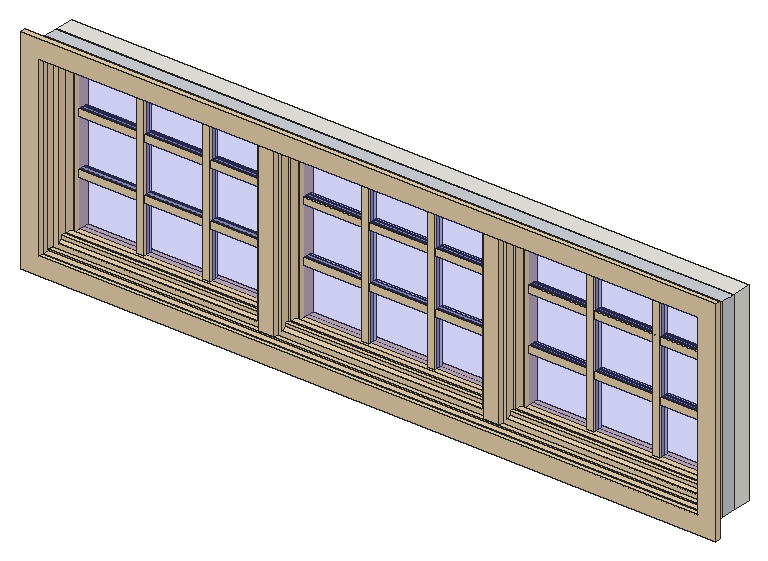
Revit family "1 Window-Awning-Andersen-400_Series_Triple", category Windows, host Wall, Revit 2014 (continued)
Lines and regions (in)
  symbolic lines, style "WindowsGlassProjection", not visible
    curve 202: line (0, 1.2845, 48.5) -> (0, 1.2845, 48.011)
    curve 212: line (0, 1.9105, 48.4938) -> (0, 1.9105, 48.011)
    curve 237: line (0, 1.2845, 79.875) -> (0, 1.2845, 80.364)
    curve 247: line (0, 1.9105, 79.8812) -> (0, 1.9105, 80.364)
  symbolic lines, style "WindowsFrameMullionProjection", not visible, detail levels medium
    curve 379: line (-32.57902, 15.063, 46.81311) -> (-31.87502, 15.063, 46.81311)
    curve 380: line (-31.87502, 15.063, 46.81311) -> (-31.87502, 12.751, 46.81311)
    curve 381: line (-31.87502, 12.751, 46.81311) -> (-30.36102, 12.751, 46.81311)
    curve 382: line (-30.36102, 12.751, 46.81311) -> (-30.36102, 10.751, 46.81311)
    curve 383: line (-30.36102, 10.751, 46.81311) -> (-31.25202, 10.751, 46.81311)
    curve 384: line (-31.25202, 10.751, 46.81311) -> (-31.25202, 10.233, 46.81311)
    curve 385: line (-31.25202, 10.233, 46.81311) -> (-33.20202, 10.233, 46.81311)
    curve 386: line (-33.20202, 10.233, 46.81311) -> (-33.20202, 10.751, 46.81311)
    curve 387: line (-33.20202, 10.751, 46.81311) -> (-34.09302, 10.751, 46.81311)
    curve 388: line (-34.09302, 10.751, 46.81311) -> (-34.09302, 12.751, 46.81311)
    curve 389: line (-34.09302, 12.751, 46.81311) -> (-32.57902, 12.751, 46.81311)
    curve 390: line (-32.57902, 12.751, 46.81311) -> (-32.57902, 15.063, 46.81311)
Text (in)
  text "EXTERIOR" at (-58.6888, 50.90694, 0), in view "Ref. Level"
  text "INTERIOR" at (-58.6888, -37.76638, 0), in view "Ref. Level"
  text "Exterior" at (0, 43.65631, 123.19604), in view "Left"
  text "Exterior" at (0, 18.29385, 125.04747), in view "Right"
Dimensions and locks (in)
  equal spacing: plane 4 "R Frame", plane 3 "Center (Left/Right)", plane 5 "L Frame"
  "Width": plane 4 "R Frame" to plane 5 "L Frame"
  "Height": plane 6 "B Frame" to plane 7 "T Frame"
  locked: plane 46 "Frame S1" to plane 47 "Flange" at 1.312
  locked: plane 47 "Flange" to plane 48 "Sash1 S2" at 1
  locked: plane 47 "Flange" to plane 49 "Frame S2" at 2.848
  "casingS2": plane 45 "Casing S2" to plane 46 "Frame S1"
  "casingS1": plane 44 "Casing S1" to plane 46 "Frame S1"
  "Xjamb 2": plane 32 "T Xjamb 2" to plane 7 "T Frame"
  "casing1": plane 31 "T Casing 1" to plane 7 "T Frame"
  "Xjamb 1": plane 30 "T Xjamb 1" to plane 7 "T Frame"
  plane 29 "T Ext Frame" to plane 7 "T Frame" = 0' - 0.56311"
  "Rough Opening Offset": plane 7 "T Frame" to plane 33 "T Rough Opening"
  "casing4": plane 7 "T Frame" to plane 36 "T Casing 4"
  "Xjamb 2": plane 6 "B Frame" to plane 39 "B Xjamb 2"
  locked: plane 6 "B Frame" to plane 40 "B Casing 1" at 0.25
  locked: plane 6 "B Frame" to plane 50 "B Xjamb 1" at 0.985
  locked: plane 6 "B Frame" to plane 38 "B Ext Frame" at 0.56311
  "sill nose 2": plane 41 "B Casing 2" to plane 6 "B Frame"
  "casing4": plane 5 "L Frame" to plane 17 "L Casing 4"
  "casing4": plane 27 "R Casing 4" to plane 4 "R Frame"
  "casing3": plane 35 "T Casing 3" to plane 36 "T Casing 4"
  "casing2": plane 34 "T Casing 2" to plane 36 "T Casing 4"
  "casing3": plane 27 "R Casing 4" to plane 26 "R Casing 3"
  "casing2": plane 27 "R Casing 4" to plane 25 "R Casing 2"
  "casing1": plane 4 "R Frame" to plane 22 "R Casing 1"
  "casing1": plane 12 "L Casing 1" to plane 5 "L Frame"
  "casing3": plane 16 "L Casing 3" to plane 17 "L Casing 4"
  "casing2": plane 15 "L Casing 2" to plane 17 "L Casing 4"
  locked: plane 51 "Exterior Offset" to host wall at 1
  "Void Offset 1": plane 7 "T Frame" to Extrusion 2 sketch curve
  "Void Offset 1": Extrusion 2 sketch curve to plane 4 "R Frame"
  "Void Offset 1": plane 5 "L Frame" to Extrusion 2 sketch curve
  "Void Offset 2": Extrusion 2 sketch curve to plane 6 "B Frame"
  "Interior Casing Size": plane 28 "R Int Casing" to plane 21 "R Xjamb 1"
  "Interior Casing Size": plane 11 "L Xjamb 1" to plane 43 "L Int Casing"
  "Interior Casing Size": plane 30 "T Xjamb 1" to plane 37 "T Int Casing"
  "Interior Casing Size": plane 42 "B Int Casing" to plane 50 "B Xjamb 1"
  "Xjamb 1": plane 4 "R Frame" to plane 21 "R Xjamb 1"
  locked: plane 4 "R Frame" to plane 20 "R Stop" at 2
  locked: plane 4 "R Frame" to plane 19 "R Ext Frame" at 0.486
  "JGO": plane 4 "R Frame" to plane 18 "R Glazing"
  locked: plane 10 "L Stop" to plane 5 "L Frame" at 2
  locked: plane 9 "L Ext Frame" to plane 5 "L Frame" at 0.486
  "JGO": plane 8 "L Glazing" to plane 5 "L Frame"
  "Xjamb 1": plane 11 "L Xjamb 1" to plane 5 "L Frame"
  "Wall Thickness": host wall to host wall
  locked: plane 1 "Center (Front/Back)" to curve 12 at 1
  "sill nose1": Masking region 5 sketch curve to plane 47 "Flange"
  locked: level to plane 7 "T Frame" at 82.25
  "Rough Opening Offset": plane 53 "B Rough Opening" to plane 6 "B Frame"
  "Masonry Opening Offset": plane 54 "R Masonry Opening" to plane 27 "R Casing 4"
  "Masonry Opening Offset": plane 17 "L Casing 4" to plane 55 "L Masonry Opening"
  "Masonry Opening Offset": plane 36 "T Casing 4" to plane 56 "T Masonry Opening"
  "Masonry Opening Offset": plane 57 "B Masonry Opening" to plane 41 "B Casing 2"
  "sill nose1": Extrusion 5 sketch curve to plane 47 "Flange"
  "Void Depth": plane 51 "Exterior Offset" to Extrusion 2
  "Wall Depth": host wall to plane 47 "Flange"
  "Void Depth": plane 51 "Exterior Offset" to Masking region 7 sketch curve  (x2)
  locked: plane 52 "Interior Casing" to host wall at 0.625
  locked: Extrusion 2 to host wall at 12
  "Rough Opening Offset": plane 24 "R Rough Opening" to plane 4 "R Frame"
  "Rough Opening Offset": plane 5 "L Frame" to plane 14 "L Rough Opening"
  "Xjamb 2": plane 13 "L Xjamb 2" to plane 5 "L Frame"
  "Xjamb 2": plane 4 "R Frame" to plane 23 "R Xjamb 2"
  locked: plane 4 "R Frame" to plane 59 "R Sash" at 0.58
  locked: plane 60 "L Sash" to plane 5 "L Frame" at 0.58
  locked: plane 47 "Flange" to plane 61 "Stop S1" at 3
  locked: plane 62 "T Sash" to plane 7 "T Frame" at 0.75
  locked: plane 63 "T Int Frame" to plane 7 "T Frame" at 1.11
  locked: plane 6 "B Frame" to plane 64 "B Int Frame" at 0.985
  locked: plane 65 "L Int Frame" to plane 5 "L Frame" at 1.109
  locked: plane 4 "R Frame" to plane 66 "R Int Frame" at 1.109
  locked: Extrusion 11 sketch curve to plane 20 "R Stop" at 0.188
  locked: Extrusion 11 sketch curve to plane 61 "Stop S1" at 1  (x2)
  locked: plane 10 "L Stop" to Extrusion 11 sketch curve at 0.188
  host wall to Extrusion 11 = 0' - 1 7/16"
  locked: plane 4 "R Frame" to Sweep 12 sketch curve at 1.09375
  "Step Jamb2": plane 49 "Frame S2" to Sweep 12 sketch curve
  "xjamb S1": host wall to plane 58 "Xjamb S1"
  "Head Stop Dim": plane 67 "T Stop" to plane 7 "T Frame"
  "Sill Stop Dim": plane 6 "B Frame" to plane 68 "B Stop"
  locked: cut or joined group of Extrusion 10, Extrusion 11, Sweep 12, Extrusion 13, Extrusion 15, Extrusion 17 to Extrusion 10 sketch curve at 1.515
  locked: plane 48 "Sash1 S2" to Extrusion 10 sketch curve at 0.267
  locked: plane 48 "Sash1 S2" to Extrusion 10 sketch curve at 1
  locked: Extrusion 10 sketch curve to Extrusion 10 sketch curve at 0.077
  locked: Extrusion 10 sketch curve to Extrusion 10 sketch curve at 0.56794
  locked: Extrusion 10 sketch curve to Extrusion 10 sketch curve at 0.41084
  locked: Extrusion 10 sketch curve to Extrusion 10 sketch curve at 0.28306
  locked: Extrusion 10 sketch curve to Extrusion 10 sketch curve at 0.751
  locked: plane 48 "Sash1 S2" to Extrusion 10 sketch curve at 2
  locked: Extrusion 13 sketch curve to plane 63 "T Int Frame" at 0.795
  locked: Extrusion 13 sketch curve to plane 63 "T Int Frame" at 1.15563
  locked: plane 48 "Sash1 S2" to Extrusion 13 sketch curve at 1
  locked: Masking region 5 sketch curve to plane 6 "B Frame" at 0.1875
  locked: Extrusion 5 sketch curve to plane 6 "B Frame" at 0.1875
  "Step Jamb2": plane 49 "Frame S2" to Masking region 11 sketch curve
  equal spacing: group 9, group 10, group 8
  equal spacing: group 8, group 10, group 9  (x2)
  locked: Extrusion 14 sketch curve to Extrusion 14 sketch curve at 0.704
  locked: Extrusion 14 sketch curve to Extrusion 14 sketch curve at 2.312
  locked: Extrusion 15 sketch curve to Extrusion 15 sketch curve at 1  (x4)
  locked: Extrusion 15 sketch curve to Extrusion 15 sketch curve at 0.518
  locked: Extrusion 15 sketch curve to Extrusion 15 sketch curve at 0.36  (x2)
  locked: Extrusion 15 sketch curve to Extrusion 15 sketch curve at 0.531  (x2)
  locked: Extrusion 15 sketch curve to Extrusion 15 sketch curve at 1.95
  Extrusion 15 sketch curve to Extrusion 15 sketch curve = 0' - 0.518"
  locked: Extrusion 16 sketch curve to Extrusion 16 sketch curve at 0.704
  locked: Extrusion 16 sketch curve to Extrusion 16 sketch curve at 2.312
  locked: Extrusion 17 sketch curve to Extrusion 17 sketch curve at 1  (x4)
  locked: Extrusion 17 sketch curve to Extrusion 17 sketch curve at 0.518
  locked: Extrusion 17 sketch curve to Extrusion 17 sketch curve at 0.36  (x2)
  locked: Extrusion 17 sketch curve to Extrusion 17 sketch curve at 0.531  (x2)
  locked: Extrusion 17 sketch curve to Extrusion 17 sketch curve at 1.95
  Extrusion 17 sketch curve to Extrusion 17 sketch curve = 0' - 0.518"
  plane 19 "R Ext Frame" to nested 2 to nested 3 to nested 3 to nested 1 to plane 9 "L Ext Frame" = 2' - 3.20833", 0' - 0.7015" locked, 2' - 3.20833", 0' - 0.7015" locked, 2' - 3.20833"
  "XPanelWidth": plane 70 to plane 9 "L Ext Frame"
  "XPanelWidth": plane 19 "R Ext Frame" to plane 69
  locked: plane 70 to cut or joined group of Extrusion 10, Extrusion 11, Sweep 12, Extrusion 13, Extrusion 15, Extrusion 17 at 0.623
  equal spacing: nested 1, curve 91, nested 1
  equal spacing: nested 2, curve 378, nested 2
  locked: plane 40 "B Casing 1" to Masking region 5 sketch curve (angle 10.00°)
  locked: plane 40 "B Casing 1" to Masking region 6 sketch curve (angle 10.00°)
  locked: plane 40 "B Casing 1" to Extrusion 5 sketch curve (angle 10.00°)
  aligned and locked: level to plane 2
  aligned and locked: plane 7 "T Frame" to Extrusion 1 sketch curve
  aligned and locked: plane 5 "L Frame" to Extrusion 1 sketch curve
  aligned and locked: Extrusion 1 sketch curve to plane 4 "R Frame"
  aligned and locked: Extrusion 1 sketch curve to plane 6 "B Frame"
  aligned and locked: host wall to Extrusion 1
  aligned and locked: plane 47 "Flange" to Extrusion 1
  aligned and locked: Masking region 1 sketch curve to plane 46 "Frame S1"
  aligned and locked: Masking region 1 sketch curve to plane 4 "R Frame"
  aligned and locked: plane 5 "L Frame" to Masking region 1 sketch curve
  aligned and locked: plane 47 "Flange" to Masking region 2 sketch curve  (x2)
  aligned and locked: plane 4 "R Frame" to Masking region 2 sketch curve
  aligned and locked: plane 46 "Frame S1" to Masking region 2 sketch curve
  aligned and locked: Masking region 2 sketch curve to plane 5 "L Frame"
  aligned and locked: plane 17 "L Casing 4" to Masking region 2 sketch curve
  aligned and locked: Masking region 2 sketch curve to plane 44 "Casing S1"
  aligned and locked: plane 12 "L Casing 1" to curve 3
  aligned and locked: Masking region 2 sketch curve to plane 27 "R Casing 4"
  aligned and locked: Masking region 3 sketch curve to plane 4 "R Frame"
  aligned and locked: plane 5 "L Frame" to Masking region 3 sketch curve
  aligned and locked: Masking region 3 sketch curve to plane 51 "Exterior Offset"
  aligned and locked: plane 7 "T Frame" to Masking region 4 sketch curve
  aligned and locked: Masking region 4 sketch curve to plane 6 "B Frame"
  aligned and locked: Masking region 4 sketch curve to plane 46 "Frame S1"
  aligned and locked: plane 46 "Frame S1" to Masking region 5 sketch curve
  aligned and locked: Masking region 5 sketch curve to plane 46 "Frame S1"
  aligned and locked: Masking region 5 sketch curve to plane 47 "Flange"
  aligned and locked: Masking region 5 sketch curve to plane 6 "B Frame"
  aligned and locked: plane 41 "B Casing 2" to Masking region 5 sketch curve
  aligned and locked: Masking region 6 sketch curve to plane 46 "Frame S1"
  aligned and locked: plane 44 "Casing S1" to Masking region 6 sketch curve
  aligned and locked: Masking region 6 sketch curve to plane 36 "T Casing 4"
  aligned and locked: Masking region 6 sketch curve to plane 47 "Flange"
  aligned and locked: plane 7 "T Frame" to Masking region 6 sketch curve
  aligned and locked: plane 45 "Casing S2" to curve 13
  aligned and locked: plane 31 "T Casing 1" to curve 15
  aligned and locked: plane 46 "Frame S1" to curve 15
  aligned and locked: plane 5 "L Frame" to curve 17
  aligned and locked: Masking region 3 sketch curve to host wall
  aligned and locked: plane 30 "T Xjamb 1" to Extrusion 3 sketch curve
  aligned and locked: plane 32 "T Xjamb 2" to Extrusion 3 sketch curve
  aligned and locked: Extrusion 3 sketch curve to plane 21 "R Xjamb 1"
  aligned and locked: Extrusion 3 sketch curve to plane 23 "R Xjamb 2"
  aligned and locked: plane 11 "L Xjamb 1" to Extrusion 3 sketch curve
  aligned and locked: plane 13 "L Xjamb 2" to Extrusion 3 sketch curve
  aligned and locked: Extrusion 3 sketch curve to plane 50 "B Xjamb 1"
  aligned and locked: Extrusion 3 sketch curve to plane 39 "B Xjamb 2"
  aligned and locked: plane 30 "T Xjamb 1" to Extrusion 4 sketch curve
  aligned and locked: plane 37 "T Int Casing" to Extrusion 4 sketch curve
  aligned and locked: Extrusion 4 sketch curve to plane 21 "R Xjamb 1"
  aligned and locked: Extrusion 4 sketch curve to plane 28 "R Int Casing"
  aligned and locked: plane 11 "L Xjamb 1" to Extrusion 4 sketch curve
  aligned and locked: plane 43 "L Int Casing" to Extrusion 4 sketch curve
  aligned and locked: Extrusion 4 sketch curve to plane 50 "B Xjamb 1"
  aligned and locked: Extrusion 4 sketch curve to plane 42 "B Int Casing"
  aligned and locked: Extrusion 4 to host wall
  aligned and locked: Extrusion 4 to plane 52 "Interior Casing"
  aligned and locked: plane 41 "B Casing 2" to Extrusion 5 sketch curve
  aligned and locked: plane 41 "B Casing 2" to Sweep 6 sketch curve  (x2)
  aligned and locked: plane 17 "L Casing 4" to Sweep 6 sketch curve  (x2)
  aligned and locked: Sweep 6 sketch curve to plane 27 "R Casing 4"
  aligned and locked: plane 36 "T Casing 4" to Sweep 6 sketch curve
  aligned and locked: plane 16 "L Casing 3" to Sweep 6 sketch curve
  aligned and locked: plane 45 "Casing S2" to Sweep 6 sketch curve
  aligned and locked: Sweep 6 sketch curve to plane 44 "Casing S1"
  aligned and locked: plane 47 "Flange" to Sweep 6 sketch curve
  aligned and locked: Sweep 6 sketch curve to plane 12 "L Casing 1"
  aligned and locked: Sweep 6 sketch curve to plane 45 "Casing S2"
  aligned and locked: plane 15 "L Casing 2" to Sweep 6 sketch curve
  aligned and locked: Extrusion 5 to plane 17 "L Casing 4"
  aligned and locked: plane 27 "R Casing 4" to Extrusion 5
  aligned and locked: plane 31 "T Casing 1" to Extrusion 7 sketch curve
  aligned and locked: plane 36 "T Casing 4" to Extrusion 7 sketch curve
  aligned and locked: plane 12 "L Casing 1" to Extrusion 7 sketch curve
  aligned and locked: plane 17 "L Casing 4" to Extrusion 7 sketch curve
  aligned and locked: Extrusion 7 sketch curve to plane 22 "R Casing 1"
  aligned and locked: Extrusion 7 sketch curve to plane 27 "R Casing 4"
  aligned and locked: Extrusion 7 sketch curve to plane 41 "B Casing 2"
  aligned and locked: plane 44 "Casing S1" to Extrusion 7
  aligned and locked: plane 47 "Flange" to Extrusion 7
  aligned and locked: Extrusion 5 sketch curve to plane 47 "Flange"
  aligned and locked: host wall to Masking region 7 sketch curve
  aligned and locked: plane 4 "R Frame" to Masking region 7 sketch curve
  aligned and locked: Masking region 7 sketch curve to plane 5 "L Frame"
  aligned and locked: plane 51 "Exterior Offset" to Masking region 7 sketch curve
  aligned and locked: plane 27 "R Casing 4" to Masking region 7 sketch curve
  aligned and locked: Masking region 7 sketch curve to plane 17 "L Casing 4"
  aligned and locked: plane 7 "T Frame" to Extrusion 8 sketch curve
  aligned and locked: Extrusion 8 sketch curve to plane 4 "R Frame"
  aligned and locked: Extrusion 8 sketch curve to plane 6 "B Frame"
  aligned and locked: plane 5 "L Frame" to Extrusion 8 sketch curve
  aligned and locked: plane 29 "T Ext Frame" to Extrusion 8 sketch curve
  aligned and locked: Extrusion 8 sketch curve to plane 19 "R Ext Frame"
  aligned and locked: plane 9 "L Ext Frame" to Extrusion 8 sketch curve
  aligned and locked: Extrusion 8 sketch curve to plane 38 "B Ext Frame"
  aligned and locked: plane 46 "Frame S1" to Extrusion 8
  aligned and locked: plane 49 "Frame S2" to Masking region 1 sketch curve
  aligned and locked: Masking region 1 sketch curve to plane 49 "Frame S2"
  aligned and locked: plane 61 "Stop S1" to Masking region 4 sketch curve
  aligned and locked: plane 49 "Frame S2" to Masking region 4 sketch curve
  aligned and locked: Masking region 4 sketch curve to plane 49 "Frame S2"
  aligned and locked: Extrusion 8 to plane 48 "Sash1 S2"
  aligned and locked: plane 63 "T Int Frame" to Extrusion 9 sketch curve
  aligned and locked: plane 65 "L Int Frame" to Extrusion 9 sketch curve
  aligned and locked: Extrusion 9 sketch curve to plane 66 "R Int Frame"
  aligned and locked: Extrusion 9 sketch curve to plane 64 "B Int Frame"
  aligned and locked: Extrusion 9 sketch curve to plane 6 "B Frame"
  aligned and locked: Extrusion 9 sketch curve to plane 4 "R Frame"
  aligned and locked: plane 7 "T Frame" to Extrusion 9 sketch curve
  aligned and locked: plane 5 "L Frame" to Extrusion 9 sketch curve
  aligned and locked: plane 48 "Sash1 S2" to Extrusion 9
  aligned and locked: Extrusion 9 to plane 49 "Frame S2"
  aligned and locked: plane 66 "R Int Frame" to Extrusion 10
  aligned and locked: Extrusion 10 to plane 65 "L Int Frame"
  aligned and locked: Extrusion 11 sketch curve to plane 48 "Sash1 S2"
  aligned and locked: Extrusion 11 sketch curve to plane 66 "R Int Frame"
  aligned and locked: plane 61 "Stop S1" to Extrusion 11 sketch curve
  aligned and locked: plane 20 "R Stop" to Extrusion 11 sketch curve
  aligned and locked: plane 10 "L Stop" to Extrusion 11 sketch curve
  aligned and locked: plane 48 "Sash1 S2" to Extrusion 11 sketch curve
  aligned and locked: Extrusion 11 sketch curve to plane 65 "L Int Frame"
  aligned and locked: Extrusion 11 sketch curve to plane 61 "Stop S1"
  aligned and locked: plane 64 "B Int Frame" to Extrusion 11
  aligned and locked: Extrusion 11 to plane 63 "T Int Frame"
  aligned and locked: Masking region 1 sketch curve to plane 66 "R Int Frame"
  aligned and locked: Masking region 1 sketch curve to plane 65 "L Int Frame"
  aligned and locked: plane 7 "T Frame" to Sweep 12 sketch curve
  aligned and locked: plane 5 "L Frame" to Sweep 12 sketch curve
  aligned and locked: Sweep 12 sketch curve to plane 6 "B Frame"
  aligned and locked: Sweep 12 sketch curve to plane 4 "R Frame"
  aligned and locked: Sweep 12 sketch curve to plane 49 "Frame S2"
  aligned and locked: plane 58 "Xjamb S1" to Extrusion 3
  aligned and locked: host wall to Extrusion 3
  aligned and locked: Masking region 4 sketch curve to plane 63 "T Int Frame"
  aligned and locked: Masking region 4 sketch curve to plane 64 "B Int Frame"
  aligned and locked: plane 48 "Sash1 S2" to Extrusion 10 sketch curve
  aligned and locked: plane 64 "B Int Frame" to Extrusion 10 sketch curve
  aligned and locked: plane 4 "R Frame" to curve 98
  aligned and locked: plane 5 "L Frame" to curve 98
  aligned and locked: Masking region 8 sketch curve to plane 58 "Xjamb S1"  (x2)
  aligned and locked: Masking region 8 sketch curve to Sweep 12  (x3)
  aligned and locked: Masking region 8 sketch curve to plane 63 "T Int Frame"
  aligned and locked: Masking region 8 sketch curve to plane 61 "Stop S1"
  aligned and locked: plane 64 "B Int Frame" to Masking region 8 sketch curve
  aligned and locked: Masking region 9 sketch curve to plane 32 "T Xjamb 2"
  aligned and locked: plane 58 "Xjamb S1" to Masking region 9 sketch curve  (x2)
  aligned and locked: plane 63 "T Int Frame" to Masking region 9 sketch curve
  aligned and locked: plane 61 "Stop S1" to Masking region 9 sketch curve
  aligned and locked: Masking region 9 sketch curve to plane 64 "B Int Frame"
  aligned and locked: plane 39 "B Xjamb 2" to Masking region 9 sketch curve
  aligned and locked: host wall to Masking region 9 sketch curve
  aligned and locked: host wall to Masking region 10 sketch curve
  aligned and locked: Masking region 10 sketch curve to plane 42 "B Int Casing"
  aligned and locked: plane 52 "Interior Casing" to Masking region 10 sketch curve
  aligned and locked: plane 37 "T Int Casing" to Masking region 10 sketch curve
  aligned and locked: plane 58 "Xjamb S1" to curve 102
  aligned and locked: Sweep 12 to curve 102
  aligned and locked: plane 64 "B Int Frame" to curve 102
  aligned and locked: plane 58 "Xjamb S1" to curve 103
  aligned and locked: host wall to curve 103
  aligned and locked: plane 50 "B Xjamb 1" to curve 103
  aligned and locked: plane 52 "Interior Casing" to curve 104
  aligned and locked: plane 50 "B Xjamb 1" to curve 104
  aligned and locked: plane 58 "Xjamb S1" to curve 99
  aligned and locked: Sweep 12 to curve 99
  aligned and locked: plane 63 "T Int Frame" to curve 99
  aligned and locked: plane 58 "Xjamb S1" to curve 100
  aligned and locked: host wall to curve 100
  aligned and locked: plane 30 "T Xjamb 1" to curve 100
  aligned and locked: plane 52 "Interior Casing" to curve 101
  aligned and locked: plane 30 "T Xjamb 1" to curve 101
  aligned and locked: Masking region 11 sketch curve to plane 58 "Xjamb S1"  (x2)
  aligned and locked: plane 66 "R Int Frame" to Masking region 11 sketch curve
  aligned and locked: Masking region 11 sketch curve to plane 61 "Stop S1"
  aligned and locked: Masking region 11 sketch curve to plane 65 "L Int Frame"
  aligned and locked: Masking region 11 sketch curve to Sweep 12  (x2)
  aligned and locked: Masking region 12 sketch curve to plane 58 "Xjamb S1"  (x2)
  aligned and locked: plane 66 "R Int Frame" to Masking region 12 sketch curve
  aligned and locked: Masking region 12 sketch curve to plane 61 "Stop S1"
  aligned and locked: Masking region 12 sketch curve to plane 65 "L Int Frame"
  aligned and locked: plane 13 "L Xjamb 2" to Masking region 12 sketch curve
  aligned and locked: Masking region 12 sketch curve to host wall
  aligned and locked: Masking region 12 sketch curve to plane 23 "R Xjamb 2"
  aligned and locked: host wall to Masking region 13 sketch curve
  aligned and locked: plane 43 "L Int Casing" to Masking region 13 sketch curve
  aligned and locked: plane 52 "Interior Casing" to Masking region 13 sketch curve
  aligned and locked: Masking region 13 sketch curve to plane 28 "R Int Casing"
  aligned and locked: plane 65 "L Int Frame" to curve 108
  aligned and locked: plane 11 "L Xjamb 1" to curve 109
  aligned and locked: plane 11 "L Xjamb 1" to curve 110
  aligned and locked: plane 66 "R Int Frame" to curve 105
  aligned and locked: plane 21 "R Xjamb 1" to curve 106
  aligned and locked: plane 21 "R Xjamb 1" to curve 107
  aligned and locked: plane 61 "Stop S1" to Masking region 1 sketch curve
  aligned and locked: Extrusion 13 sketch curve to plane 63 "T Int Frame"
  aligned and locked: plane 48 "Sash1 S2" to Extrusion 13 sketch curve
  aligned and locked: Extrusion 13 sketch curve to plane 61 "Stop S1"
  aligned and locked: Extrusion 13 to plane 65 "L Int Frame"
  aligned and locked: plane 66 "R Int Frame" to Extrusion 13
  aligned and locked: plane 4 "R Frame" to curve 18
  aligned and locked: plane 47 "Flange" to curve 18
  aligned and locked: plane 5 "L Frame" to curve 50
  aligned and locked: curve 50 to plane 47 "Flange"
  aligned and locked: plane 6 "B Frame" to curve 89
  aligned and locked: plane 47 "Flange" to curve 89
  aligned and locked: plane 7 "T Frame" to curve 88
  aligned and locked: plane 47 "Flange" to curve 88
  aligned and locked: plane 25 "R Casing 2" to curve 5
  aligned and locked: plane 26 "R Casing 3" to curve 4
  aligned and locked: plane 15 "L Casing 2" to curve 2
  aligned and locked: plane 16 "L Casing 3" to curve 1
  aligned and locked: plane 34 "T Casing 2" to curve 14
  aligned and locked: plane 35 "T Casing 3" to curve 13
  aligned and locked: plane 44 "Casing S1" to curve 13
  aligned and locked: Extrusion 5 sketch curve to plane 6 "B Frame"
  aligned and locked: Masking region 6 sketch curve to cut or joined group of Extrusion 5, Sweep 6
  aligned and locked: Extrusion 7 sketch curve to plane 6 "B Frame"
  aligned and locked: plane 17 "L Casing 4" to curve 188
  aligned and locked: plane 5 "L Frame" to curve 189
  aligned and locked: plane 27 "R Casing 4" to curve 186
  aligned and locked: plane 4 "R Frame" to curve 187
  aligned and locked: plane 47 "Flange" to curve 190
  aligned and locked: plane 36 "T Casing 4" to curve 190
  aligned and locked: plane 46 "Frame S1" to curve 191
  aligned and locked: plane 49 "Frame S2" to curve 191
  aligned and locked: plane 7 "T Frame" to curve 191
  aligned and locked: plane 44 "Casing S1" to curve 192
  aligned and locked: plane 47 "Flange" to curve 192
  aligned and locked: plane 41 "B Casing 2" to curve 192
  aligned and locked: plane 46 "Frame S1" to curve 193
  aligned and locked: plane 49 "Frame S2" to curve 193
  aligned and locked: plane 6 "B Frame" to curve 193
  aligned and locked: plane 19 "R Ext Frame" to curve 7
  aligned and locked: plane 19 "R Ext Frame" to curve 68
  aligned and locked: plane 9 "L Ext Frame" to curve 8
  aligned and locked: plane 9 "L Ext Frame" to curve 66
  aligned and locked: plane 38 "B Ext Frame" to nested 1
  aligned and locked: plane 9 "L Ext Frame" to nested 1
  aligned and locked: nested 1 to plane 48 "Sash1 S2"
  aligned and locked: plane 19 "R Ext Frame" to nested 2
  aligned and locked: Extrusion 14 to plane 29 "T Ext Frame"
  aligned and locked: Extrusion 15 to plane 63 "T Int Frame"
  aligned and locked: plane 64 "B Int Frame" to Extrusion 15
  aligned and locked: Extrusion 17 to Extrusion 16
  aligned and locked: Extrusion 16 to plane 29 "T Ext Frame"
  aligned and locked: Extrusion 17 to plane 63 "T Int Frame"
  aligned and locked: plane 64 "B Int Frame" to Extrusion 17
  aligned and locked: cut or joined group of Extrusion 8, Extrusion 14, Extrusion 16 to cut or joined group of Extrusion 10, Extrusion 11, Sweep 12, Extrusion 13, Extrusion 15, Extrusion 17
  aligned and locked: plane 46 "Frame S1" to Extrusion 16
  aligned and locked: plane 46 "Frame S1" to cut or joined group of Extrusion 8, Extrusion 14, Extrusion 16
  aligned and locked: plane 46 "Frame S1" to curve 374
  aligned and locked: plane 70 to curve 343
  aligned and locked: plane 70 to Extrusion 16
  aligned and locked: plane 69 to cut or joined group of Extrusion 8, Extrusion 14, Extrusion 16
  aligned and locked: plane 38 "B Ext Frame" to nested 2
  aligned and locked: plane 38 "B Ext Frame" to Extrusion 16
  aligned and locked: plane 38 "B Ext Frame" to cut or joined group of Extrusion 8, Extrusion 14, Extrusion 16
  aligned and locked: nested 2 to plane 48 "Sash1 S2"
  aligned and locked: nested 2 to cut or joined group of Extrusion 8, Extrusion 14, Extrusion 16
  aligned and locked: curve 473 to nested 2
  aligned and locked: curve 462 to plane 46 "Frame S1"
  aligned and locked: plane 61 "Stop S1" to curve 470
  aligned and locked: plane 61 "Stop S1" to curve 466
Automatic sketch dimensions
  curve 16 to curve 16 = 0' - 0 3/16"
  curve 147 to curve 149 = 0' - 0.655"
  curve 149 to curve 70 = 0' - 1.549"
  curve 71 to curve 143 = 0' - 0.107"
  curve 143 to curve 77 = 0' - 0.066"
  curve 77 to curve 86 = 0' - 0.626"
  curve 74 to curve 142 = 0' - 0.844"
  curve 87 to curve 76 = 0' - 0.371"
  curve 80 to curve 79 = 0' - 0.313"
  curve 79 to curve 78 = 0' - 0.187"
  curve 78 to curve 146 = 0' - 0.07303"
  curve 150 to curve 147 = 0' - 0.345"
  curve 72 to curve 72 = 0' - 0.345"
  curve 144 to curve 71 = 0' - 0.549"
  curve 76 to curve 83 = 0' - 0.096"
  curve 70 to curve 88 = 0' - 0.451"
  curve 84 to curve 86 = 0' - 0.096"
  curve 145 to curve 145 = 0' - 0.23897"
  curve 77 to curve 87 = 0' - 0.0062"
  curve 77 to curve 149 = 0' - 0.109"
  curve 86 to curve 85 = 0' - 0.25024"
  curve 73 to curve 149 = 0' - 0.361"
  curve 85 to curve 85 = 0' - 0.23255"
  curve 76 to curve 141 = 0' - 0.053"
  curve 76 to curve 143 = 0' - 0.4378"
  curve 150 to curve 147 = 0' - 0.545"
  curve 71 to curve 74 = 0' - 0.174"
  curve 147 to curve 72 = 0' - 0 1/4"
  curve 74 to curve 80 = 0' - 0.281"
  curve 80 to curve 79 = 0' - 0.156"
  curve 74 to curve 70 = 0' - 0.533"
  curve 70 to curve 146 = 0' - 0.08989"
  curve 82 to curve 86 = 0' - 0.0062"
  curve 77 to curve 83 = 0' - 0"
  curve 82 to curve 84 = 0' - 0.13544"
  curve 73 to curve 81 = 0' - 0.081"
  curve 144 to curve 75 = 0' - 0.217"
  curve 70 to curve 88 = 0' - 0.653"
  curve 88 to curve 88 = 0' - 1 5/8"
  curve 177 to curve 153 = 0' - 0.196"
  curve 177 to curve 179 = 0' - 0.28306"
  curve 154 to curve 185 = 0' - 0.27094"
  curve 154 to curve 180 = 0' - 0.56794"
  curve 180 to curve 181 = 0' - 0.733"
  curve 181 to curve 182 = 0' - 0.267"
  curve 156 to curve 175 = 0' - 0.549"
  curve 152 to curve 171 = 0' - 0.107"
  curve 171 to curve 158 = 0' - 0.066"
  curve 158 to curve 168 = 0' - 0.626"
  curve 155 to curve 161 = 0' - 0.844"
  curve 168 to curve 166 = 0' - 0.371"
  curve 161 to curve 160 = 0' - 0.313"
  curve 160 to curve 160 = 0' - 0.187"
  curve 159 to curve 174 = 0' - 0.07303"
  curve 178 to curve 177 = 0' - 0.149"
  curve 153 to curve 153 = 0' - 0.345"
  curve 185 to curve 179 = 0' - 0.047"
  curve 158 to curve 165 = 0' - 0.096"
  curve 151 to curve 89 = 0' - 0.451"
  curve 163 to curve 168 = 0' - 0.096"
  curve 173 to curve 173 = 0' - 0.23897"
  curve 173 to curve 151 = 0' - 0.08989"
  curve 151 to curve 160 = 0' - 0.096"
  curve 160 to curve 170 = 0' - 0.156"
  curve 151 to curve 153 = 0' - 0.457"
  curve 161 to curve 155 = 0' - 0.281"
  curve 155 to curve 175 = 0' - 0.174"
  curve 152 to curve 172 = 0' - 0.0882"
  curve 152 to curve 156 = 0' - 0.217"
  curve 175 to curve 177 = 0' - 0.437"
  curve 155 to curve 169 = 0' - 0.647"
  curve 171 to curve 157 = 0' - 0.4378"
  curve 177 to curve 185 = 0' - 0.267"
  curve 157 to curve 167 = 0' - 0.23255"
  curve 184 to curve 154 = 0' - 0.07316"
  curve 156 to curve 156 = 0' - 0.768"
  curve 166 to curve 167 = 0' - 0.25024"
  curve 157 to curve 162 = 0' - 0.489"
  curve 184 to curve 180 = 0' - 0.484"
  curve 156 to curve 181 = 0' - 0.28"
  curve 89 to curve 151 = 0' - 2.153"
  curve 89 to curve 151 = 0' - 0.528"
  curve 165 to curve 158 = 0' - 0.13544"
  curve 162 to curve 156 = 0' - 0.095"
  curve 183 to curve 179 = 0' - 0.296"
  curve 167 to curve 163 = 0' - 0.0062"
  curve 158 to curve 164 = 0' - 0"
  curve 111 to curve 111 = 0' - 0.05924"
  curve 111 to curve 24 = 0' - 0.094"
  curve 111 to curve 23 = 0' - 0.1128"
  curve 23 to curve 21 = 0' - 0.02383"
  curve 21 to curve 21 = 0' - 0.12559"
  curve 23 to curve 115 = 0' - 0.30812"
  curve 21 to curve 118 = 0' - 0.30153"
  curve 22 to curve 113 = 0' - 0.25884"
  curve 22 to curve 25 = 0' - 0.6057"
  curve 113 to curve 27 = 0' - 0.4"
  curve 19 to curve 92 = 0' - 0.531"
  curve 92 to curve 92 = 0' - 0.36"
  curve 26 to curve 26 = 0' - 0 5/8"
  curve 27 to curve 27 = 0' - 0 5/8"
  curve 18 to curve 111 = 0' - 2.04524"
  curve 18 to curve 111 = 0' - 0.54524"
  curve 117 to curve 113 = 0' - 0.291"
  curve 40 to curve 41 = 0' - 0.35617"
  curve 46 to curve 26 = 0' - 0.12475"
  curve 45 to curve 27 = 0' - 0"
  curve 44 to curve 26 = 0' - 0"
  curve 20 to curve 117 = 0' - 1.0675"
  curve 117 to curve 118 = 0' - 0.527"
  curve 20 to curve 28 = 0' - 0.722"
  curve 19 to curve 113 = 0' - 0.291"
  curve 27 to curve 26 = 0' - 0.626"
  curve 22 to curve 112 = 0' - 0.557"
  curve 21 to curve 115 = 0' - 0 1/8"
  curve 26 to curve 138 = 0' - 0.402"
  curve 23 to curve 111 = 0' - 0.275"
  curve 111 to curve 23 = 0' - 0.038"
  curve 40 to curve 138 = 0' - 0 1/4"
  curve 93 to curve 92 = 0' - 0.9325"
  curve 19 to curve 93 = 0' - 0"
  curve 27 to curve 45 = 0' - 0.096"
  curve 18 to curve 111 = 0' - 0 3/8"
  curve 44 to curve 26 = 0' - 0.096"
  curve 24 to curve 135 = 0' - 0.312"
  curve 119 to curve 119 = 0' - 0.05924"
  curve 119 to curve 35 = 0' - 0.094"
  curve 119 to curve 34 = 0' - 0.1128"
  curve 34 to curve 32 = 0' - 0.02383"
  curve 32 to curve 32 = 0' - 0.12559"
  curve 34 to curve 123 = 0' - 0.30812"
  curve 32 to curve 126 = 0' - 0.30153"
  curve 33 to curve 121 = 0' - 0.25884"
  curve 33 to curve 36 = 0' - 0.6057"
  curve 121 to curve 38 = 0' - 0.4"
  curve 30 to curve 94 = 0' - 0.531"
  curve 94 to curve 94 = 0' - 0.36"
  curve 37 to curve 37 = 0' - 0 5/8"
  curve 38 to curve 38 = 0' - 0 5/8"
  curve 29 to curve 119 = 0' - 2.04524"
  curve 29 to curve 119 = 0' - 0.54524"
  curve 125 to curve 121 = 0' - 0.291"
  curve 42 to curve 43 = 0' - 0.35617"
  curve 49 to curve 37 = 0' - 0.12475"
  curve 48 to curve 38 = 0' - 0"
  curve 47 to curve 37 = 0' - 0"
  curve 31 to curve 125 = 0' - 1.0675"
  curve 125 to curve 126 = 0' - 0.527"
  curve 31 to curve 39 = 0' - 0.722"
  curve 30 to curve 121 = 0' - 0.291"
  curve 38 to curve 37 = 0' - 0.626"
  curve 33 to curve 120 = 0' - 0.557"
  curve 32 to curve 123 = 0' - 0 1/8"
  curve 37 to curve 139 = 0' - 0.402"
  curve 34 to curve 119 = 0' - 0.275"
  curve 119 to curve 34 = 0' - 0.038"
  curve 42 to curve 139 = 0' - 0 1/4"
  curve 95 to curve 94 = 0' - 0.9325"
  curve 30 to curve 95 = 0' - 0"
  curve 38 to curve 48 = 0' - 0.096"
  curve 29 to curve 119 = 0' - 0 3/8"
  curve 47 to curve 37 = 0' - 0.096"
  curve 35 to curve 136 = 0' - 0.312"
  curve 127 to curve 127 = 0' - 0.05924"
  curve 127 to curve 56 = 0' - 0.094"
  curve 127 to curve 55 = 0' - 0.1128"
  curve 55 to curve 53 = 0' - 0.02383"
  curve 53 to curve 53 = 0' - 0.12559"
  curve 55 to curve 131 = 0' - 0.30812"
  curve 53 to curve 134 = 0' - 0.30153"
  curve 54 to curve 129 = 0' - 0.25884"
  curve 54 to curve 57 = 0' - 0.6057"
  curve 129 to curve 59 = 0' - 0.4"
  curve 51 to curve 96 = 0' - 0.531"
  curve 96 to curve 96 = 0' - 0.36"
  curve 58 to curve 58 = 0' - 0 5/8"
  curve 59 to curve 59 = 0' - 0 5/8"
  curve 50 to curve 127 = 0' - 2.04524"
  curve 50 to curve 127 = 0' - 0.54524"
  curve 133 to curve 129 = 0' - 0.291"
  curve 61 to curve 62 = 0' - 0.35617"
  curve 65 to curve 58 = 0' - 0.12475"
  curve 64 to curve 59 = 0' - 0"
  curve 63 to curve 58 = 0' - 0"
  curve 133 to curve 52 = 0' - 1.0675"
  curve 134 to curve 133 = 0' - 0.527"
  curve 60 to curve 52 = 0' - 0.722"
  curve 129 to curve 51 = 0' - 0.291"
  curve 58 to curve 59 = 0' - 0.626"
  curve 128 to curve 54 = 0' - 0.557"
  curve 131 to curve 53 = 0' - 0 1/8"
  curve 140 to curve 58 = 0' - 0.402"
  curve 127 to curve 55 = 0' - 0.275"
  curve 55 to curve 127 = 0' - 0.038"
  curve 140 to curve 61 = 0' - 0 1/4"
  curve 96 to curve 97 = 0' - 0.9325"
  curve 51 to curve 97 = 0' - 0"
  curve 64 to curve 59 = 0' - 0.096"
  curve 127 to curve 50 = 0' - 0 3/8"
  curve 58 to curve 63 = 0' - 0.096"
  curve 137 to curve 56 = 0' - 0.312"
  curve 221 to curve 197 = 0' - 0.196"
  curve 221 to curve 223 = 0' - 0.28306"
  curve 198 to curve 229 = 0' - 0.27094"
  curve 198 to curve 224 = 0' - 0.56794"
  curve 224 to curve 225 = 0' - 0.733"
  curve 225 to curve 226 = 0' - 0.267"
  curve 200 to curve 219 = 0' - 0.549"
  curve 196 to curve 215 = 0' - 0.107"
  curve 215 to curve 202 = 0' - 0.066"
  curve 202 to curve 212 = 0' - 0.626"
  curve 199 to curve 205 = 0' - 0.844"
  curve 212 to curve 210 = 0' - 0.371"
  curve 205 to curve 204 = 0' - 0.313"
  curve 204 to curve 204 = 0' - 0.187"
  curve 203 to curve 218 = 0' - 0.07303"
  curve 222 to curve 221 = 0' - 0.149"
  curve 197 to curve 197 = 0' - 0.345"
  curve 229 to curve 223 = 0' - 0.047"
  curve 202 to curve 209 = 0' - 0.096"
  curve 195 to curve 194 = 0' - 0.451"
  curve 207 to curve 212 = 0' - 0.096"
  curve 217 to curve 217 = 0' - 0.23897"
  curve 217 to curve 195 = 0' - 0.08989"
  curve 195 to curve 204 = 0' - 0.096"
  curve 204 to curve 214 = 0' - 0.156"
  curve 195 to curve 197 = 0' - 0.457"
  curve 205 to curve 199 = 0' - 0.281"
  curve 199 to curve 219 = 0' - 0.174"
  curve 196 to curve 216 = 0' - 0.0882"
  curve 196 to curve 200 = 0' - 0.217"
  curve 219 to curve 221 = 0' - 0.437"
  curve 199 to curve 213 = 0' - 0.647"
  curve 215 to curve 201 = 0' - 0.4378"
  curve 221 to curve 229 = 0' - 0.267"
  curve 201 to curve 211 = 0' - 0.23255"
  curve 228 to curve 198 = 0' - 0.07316"
  curve 200 to curve 200 = 0' - 0.768"
  curve 210 to curve 211 = 0' - 0.25024"
  curve 201 to curve 206 = 0' - 0.489"
  curve 228 to curve 224 = 0' - 0.484"
  curve 200 to curve 225 = 0' - 0.28"
  curve 194 to curve 195 = 0' - 2.153"
  curve 194 to curve 195 = 0' - 0.528"
  curve 209 to curve 202 = 0' - 0.13544"
  curve 206 to curve 200 = 0' - 0.095"
  curve 227 to curve 223 = 0' - 0.296"
  curve 211 to curve 207 = 0' - 0.0062"
  curve 202 to curve 208 = 0' - 0"
  curve 255 to curve 257 = 0' - 0.655"
  curve 257 to curve 230 = 0' - 1.549"
  curve 231 to curve 251 = 0' - 0.107"
  curve 251 to curve 237 = 0' - 0.066"
  curve 237 to curve 246 = 0' - 0.626"
  curve 234 to curve 250 = 0' - 0.844"
  curve 247 to curve 236 = 0' - 0.371"
  curve 240 to curve 239 = 0' - 0.313"
  curve 239 to curve 238 = 0' - 0.187"
  curve 238 to curve 254 = 0' - 0.07303"
  curve 258 to curve 255 = 0' - 0.345"
  curve 232 to curve 232 = 0' - 0.345"
  curve 252 to curve 231 = 0' - 0.549"
  curve 236 to curve 243 = 0' - 0.096"
  curve 230 to curve 248 = 0' - 0.451"
  curve 244 to curve 246 = 0' - 0.096"
  curve 253 to curve 253 = 0' - 0.23897"
  curve 237 to curve 247 = 0' - 0.0062"
  curve 237 to curve 257 = 0' - 0.109"
  curve 246 to curve 245 = 0' - 0.25024"
  curve 233 to curve 257 = 0' - 0.361"
  curve 245 to curve 245 = 0' - 0.23255"
  curve 236 to curve 249 = 0' - 0.053"
  curve 236 to curve 251 = 0' - 0.4378"
  curve 258 to curve 255 = 0' - 0.545"
  curve 231 to curve 234 = 0' - 0.174"
  curve 255 to curve 232 = 0' - 0 1/4"
  curve 234 to curve 240 = 0' - 0.281"
  curve 240 to curve 239 = 0' - 0.156"
  curve 234 to curve 230 = 0' - 0.533"
  curve 230 to curve 254 = 0' - 0.08989"
  curve 242 to curve 246 = 0' - 0.0062"
  curve 237 to curve 243 = 0' - 0"
  curve 242 to curve 244 = 0' - 0.13544"
  curve 233 to curve 241 = 0' - 0.081"
  curve 252 to curve 235 = 0' - 0.217"
  curve 230 to curve 248 = 0' - 0.653"
  curve 248 to curve 248 = 0' - 1 5/8"
  Sweep 12 sketch curve to profile plane = 0' - 0"
  curve 190 to plane 44 "Casing S1" = 0' - 0"
  curve 69 to plane 20 "R Stop" = 0' - 0"
  curve 66 to plane 10 "L Stop" = 0' - 0"
  host wall to curve 98 = 0' - 0"
  curve 67 to plane 61 "Stop S1" = 0' - 0"
  curve 69 to plane 61 "Stop S1" = 0' - 0"
  curve 68 to plane 48 "Sash1 S2" = 0' - 0"
  curve 66 to plane 48 "Sash1 S2" = 0' - 0"
  curve 10 to plane 10 "L Stop" = 0' - 0"
  curve 10 to plane 51 "Exterior Offset" = 0' - 0"
  curve 9 to plane 20 "R Stop" = 0' - 0"
  curve 9 to plane 51 "Exterior Offset" = 0' - 0"
  curve 17 to plane 44 "Casing S1" = 0' - 0"
  curve 1 to plane 44 "Casing S1" = 0' - 0"
  curve 186 to plane 44 "Casing S1" = 0' - 0"
  curve 188 to plane 44 "Casing S1" = 0' - 0"
  curve 4 to plane 44 "Casing S1" = 0' - 0"
  curve 16 to plane 4 "R Frame" = 0' - 0"
  curve 16 to plane 44 "Casing S1" = 0' - 0"
  curve 5 to plane 45 "Casing S2" = 0' - 0"
  curve 1 to plane 45 "Casing S2" = 0' - 0"
  curve 3 to plane 46 "Frame S1" = 0' - 0"
  curve 7 to plane 46 "Frame S1" = 0' - 0"
  curve 6 to plane 22 "R Casing 1" = 0' - 0"
  curve 6 to plane 46 "Frame S1" = 0' - 0"
  curve 8 to plane 46 "Frame S1" = 0' - 0"
  curve 17 to plane 46 "Frame S1" = 0' - 0"
  curve 16 to plane 46 "Frame S1" = 0' - 0"
  curve 189 to plane 47 "Flange" = 0' - 0"
  curve 186 to plane 47 "Flange" = 0' - 0"
  curve 187 to plane 47 "Flange" = 0' - 0"
  curve 188 to plane 47 "Flange" = 0' - 0"
  curve 8 to plane 48 "Sash1 S2" = 0' - 0"
  curve 7 to plane 48 "Sash1 S2" = 0' - 0"
  host wall to curve 11 = 0' - 0"
  curve 106 to plane 58 "Xjamb S1" = 0' - 0"
  curve 108 to plane 58 "Xjamb S1" = 0' - 0"
  curve 109 to plane 58 "Xjamb S1" = 0' - 0"
  curve 105 to plane 58 "Xjamb S1" = 0' - 0"
  curve 189 to plane 49 "Frame S2" = 0' - 0"
  curve 187 to plane 49 "Frame S2" = 0' - 0"
  host wall to curve 9 = 0' - 0"
  host wall to curve 107 = 0' - 0"
  host wall to curve 109 = 0' - 0"
  host wall to curve 10 = 0' - 0"
  curve 110 to plane 52 "Interior Casing" = 0' - 0"
  curve 107 to plane 52 "Interior Casing" = 0' - 0"
  curve 105 to plane 61 "Stop S1" = 0' - 0.6605"
  curve 108 to plane 61 "Stop S1" = 0' - 0.6605"
  plane 68 "B Stop" to Extrusion 10 sketch curve = 0' - 0.28"
  Extrusion 14 sketch curve to plane 46 "Frame S1" = 0' - 0"
  Extrusion 14 sketch curve to plane 69 = 0' - 0"
  Extrusion 15 sketch curve to plane 48 "Sash1 S2" = 0' - 0"
  plane 69 to Extrusion 15 sketch curve = 0' - 1.514"
  Extrusion 16 sketch curve to plane 46 "Frame S1" = 0' - 0"
  Extrusion 16 sketch curve to plane 70 = 0' - 0"
  curve 462 to curve 464 = 0' - 2.312"
  curve 472 to curve 463 = 0' - 0"
  curve 471 to curve 470 = 0' - 2"
  curve 470 to curve 467 = 0' - 0"
  curve 466 to curve 467 = 0' - 0.518"
  curve 470 to curve 468 = 0' - 0.891"
  curve 471 to curve 473 = 0' - 1.514"
  curve 472 to curve 463 = 0' - 0.704"
  curve 469 to curve 466 = 0' - 1.95"
  curve 466 to curve 465 = 0' - 0.891"
  curve 379 to curve 381 = 0' - 2.312"
  curve 389 to curve 380 = 0' - 0"
  curve 388 to curve 387 = 0' - 2"
  curve 387 to curve 384 = 0' - 0"
  curve 383 to curve 384 = 0' - 0.518"
  curve 387 to curve 385 = 0' - 0.891"
  curve 388 to curve 390 = 0' - 1.514"
  curve 389 to curve 380 = 0' - 0.704"
  curve 386 to curve 383 = 0' - 1.95"
  curve 383 to curve 382 = 0' - 0.891"
  curve 391 to curve 393 = 0' - 2.312"
  curve 401 to curve 392 = 0' - 0"
  curve 400 to curve 399 = 0' - 2"
  curve 399 to curve 396 = 0' - 0"
  curve 395 to curve 396 = 0' - 0.518"
  curve 399 to curve 397 = 0' - 0.891"
  curve 400 to curve 402 = 0' - 1.514"
  curve 401 to curve 392 = 0' - 0.704"
  curve 398 to curve 395 = 0' - 1.95"
  curve 395 to curve 394 = 0' - 0.891"
  Extrusion 17 sketch curve to plane 48 "Sash1 S2" = 0' - 0"
  Extrusion 17 sketch curve to plane 70 = 0' - 2.218"
  plane 19 "R Ext Frame" to curve 378 = 0' - 0"
  curve 377 to plane 29 "T Ext Frame" = 0' - 0"
  curve 377 to plane 38 "B Ext Frame" = 0' - 0"
  plane 69 to curve 377 = 0' - 0"
  curve 475 to plane 38 "B Ext Frame" = 0' - 0"
  curve 474 to plane 38 "B Ext Frame" = 0' - 0"
  curve 90 to plane 38 "B Ext Frame" = 0' - 0"
  curve 90 to plane 70 = 0' - 0"
  plane 9 "L Ext Frame" to curve 91 = 0' - 0"
  curve 378 to plane 38 "B Ext Frame" = 0' - 0"
  curve 91 to plane 38 "B Ext Frame" = 0' - 0"
  plane 35 "T Casing 3" to curve 475 = 0' - 4.31311"
  plane 3 "Center (Left/Right)" to curve 475 = 0' - 0"
  curve 90 to plane 29 "T Ext Frame" = 0' - 0.00122"
  curve 475 to plane 69 = 0' - 0.7015"
  curve 474 to curve 90 = 0' - 0.7015"
Nested families (in)
  nested 1: "Andersen_Sash_Panel" at (41.514, 2.5625, 58.81311) x (-1, 0, 0) z (0, 0, 1), type "Andersen_Sash_Panel"
    with Material_Top_Setback 0' - 0 1/32", Material_Right_Setback 0' - 0 1/32", Material_Left_Setback 0' - 0 1/32", Material_Bottom_Setback 0' - 0 1/32", SingleVertLocation 0' - 11.85417", SingleHorzLocation 0' - 9 11/16", Rail_Top 0' - 1 13/16", Panel_Width 2' - 3.20833", Panel_Height 1' - 10 7/8", DLOVertical 0' - 5 7/8", DLOHorizontal 0' - 7.31944", BottomBarLocation 0' - 9 1/4", BarLengthVertical 1' - 7 3/8", BarLengthHorizontal 1' - 11.70833"
  nested 2: "Andersen_Sash_Panel" at (-14.30567, 2.5625, 58.81311) x (-1, 0, 0) z (0, 0, 1), type "Andersen_Sash_Panel"
    with Material_Top_Setback 0' - 0 1/32", Material_Right_Setback 0' - 0 1/32", Material_Left_Setback 0' - 0 1/32", Material_Bottom_Setback 0' - 0 1/32", SingleVertLocation 0' - 11.85417", SingleHorzLocation 0' - 9 11/16", Rail_Top 0' - 1 13/16", Panel_Width 2' - 3.20833", Panel_Height 1' - 10 7/8", DLOVertical 0' - 5 7/8", DLOHorizontal 0' - 7.31944", BottomBarLocation 0' - 9 1/4", BarLengthVertical 1' - 7 3/8", BarLengthHorizontal 1' - 11.70833"
  nested 3: "Andersen_Sash_Panel" at (13.60417, 2.5625, 58.81311) x (-1, 0, 0) z (0, 0, 1), type "Andersen_Sash_Panel"
    with Material_Top_Setback 0' - 0 1/32", Material_Right_Setback 0' - 0 1/32", Material_Left_Setback 0' - 0 1/32", Material_Bottom_Setback 0' - 0 1/32", SingleVertLocation 0' - 11.85417", SingleHorzLocation 0' - 9 11/16", Rail_Top 0' - 1 13/16", Panel_Width 2' - 3.20833", Panel_Height 1' - 10 7/8", DLOVertical 0' - 5 7/8", DLOHorizontal 0' - 7.31944", BottomBarLocation 0' - 9 1/4", BarLengthVertical 1' - 7 3/8", BarLengthHorizontal 1' - 11.70833"
Definition of nested family "Andersen_Sash_Panel"
  Parameters (values of type "Andersen_Sash_Panel")
    VertBarQuantity = if(LightsWide < 3, 2, LightsWide - 1)  # 2
    TFL = if(Fractional_Lights_High > 5, 3, if(or(Fractional_Lights_High = 4, Fractional_Lights_High = 5), 2, if(or(Fractional_Lights_High = 2, Fractional_Lights_High = 3), 1, 1)))  # 2
    TFB = TFL - 1  # 1
    Stile_Right = 0' - 1 3/4"
    Stile_Left = 0' - 1 3/4"
    StandardLightsHigh = 3
    SingleVertLocation = (Panel_Width - Stile_Right - Stile_Left) / 2  # 0' - 9 213/256"
    SingleVertBarVisibility = LightsWide = 2  # no
    SingleHorzLocation = (BarLengthVertical) / 2  # 1' - 3 23/32"
    SingleHorBarVisibility = or(or(or(and(LightsHigh = 2, PatternNumber = 1), and(PatternNumber = 4, Fractional_Lights_High > 1)), and(PatternNumber = 5, Fractional_Lights_High > 1)), and(PatternNumber = 2, Fractional_Lights_High > 1))  # no
    S H Fractional = and(PatternNumber = 2, or(Fractional_Lights_High = 4, Fractional_Lights_High = 5))  # no
    Rail_Top = 0' - 1 3/4"
    Rail_Bottom = 0' - 1 11/16"
    PatternNumber = 1
    Panel_Width = 1' - 11 21/128"
    Panel_Thickness = 0' - 2"
    Panel_Height = 2' - 10 7/8"
    MultipleVertBar Visibility = and(not(PatternNumber = 0), LightsWide > 2)  # yes
    MultipleHorBarVisibility = or(or(PatternNumber = 3, and(LightsHigh > 2, PatternNumber = 1)), and(PatternNumber = 2, Fractional_Lights_High > 5))  # yes
    Material_Top_Setback [instance] = 0' - 0 1/32"
    Material_Right_Setback [instance] = 0' - 0 1/32"
    Material_Left_Setback [instance] = 0' - 0 1/32"
    Material_Interior = Wood - Andersen - Pine
    Material_Exterior = Vinyl - Andersen - White
    Material_Bottom_Setback [instance] = 0' - 0 1/32"
    LightsWide = if(PatternNumber = 3, 3, [- Lights Wide])  # 3
    LightsHigh = if(PatternNumber = 2, [- Lights High] - 1, if(PatternNumber = 3, 3, [- Lights High]))  # 3
    Interior Bar Thickness = 0' - 0 23/64"
    HorBarQuantity = if(LightsHigh < 3, 2, LightsHigh - 1)  # 2
    GrilleBarSizeInt = 4
    GrilleBarSize = 0' - 0 7/8"
    Glazing = Glass ‐ Andersen - Low-E4 SmartSun
    Glass SetBack = 0' - 0 167/256"
    Glass Pane Thickness = 0' - 0 3/32"
    Glass OA Thickness = 0' - 0 5/8"
    Fractional_Lights_Wide = 3
    Fractional_Lights_High = 5
    Exterior Bar Thickness = 0' - 0 77/256"
    DLOVertical = if(PatternNumber = 1, if(LightsHigh > 2, ((BarLengthVertical - (GrilleBarSize * (LightsHigh - 1))) / LightsHigh), 0' 4"), if(PatternNumber = 3, 0' 4", if(Fractional_Lights_High > 2, ((BarLengthVertical - (GrilleBarSize * 2)) / 3), 0' 4")))  # 0' - 9.89583"
    DLOHorizontal = if(PatternNumber = 3, 0' 4", ((Panel_Width - Stile_Right - Stile_Left) - (GrilleBarSize * VertBarQuantity)) / if(LightsWide > 2, LightsWide, 3))  # 0' - 5.97135"
    BottomBarVisibility = and(PatternNumber = 2, or(Fractional_Lights_High = 4, Fractional_Lights_High = 5))  # no
    BottomBarLocation = if(PatternNumber = 1, ((Panel_Height - Rail_Top - Rail_Bottom) / 2) - (GrilleBarSize / 2), BarLengthVertical)  # 1' - 3 9/32"
    Between Glass Grille Bar Color = Stainless Steel - Andersen - Standard
    BarLengthVertical = if(or(PatternNumber = 5, PatternNumber = 2), ((((Panel_Height - Rail_Top - Rail_Bottom - (GrilleBarSize * (Fractional_Lights_High - 1))) / Fractional_Lights_High)) * TFL) + (TFB * GrilleBarSize) + Rail_Top, if(PatternNumber = 4, ((Panel_Height - Rail_Top - Rail_Bottom - (GrilleBarSize * (Fractional_Lights_High - 1))) / Fractional_Lights_High), Panel_Height - Rail_Top - Rail_Bottom))  # 2' - 7 7/16"
    BarLengthHorizontal = Panel_Width - Stile_Right - Stile_Left  # 1' - 7 85/128"
    BarIntVisibility = yes
    BarExtVisibility = yes
    BarBetweenGlassVisibility = yes
    Analytic Construction = "<None>"
    - Lights Wide = 3
    - Lights High = 3
  Reference planes (in)
    plane 1 "Front": y = 0
    plane 2 "Bottom": z = 0
    plane 3 "Left": x = 0
    plane 4 "Top": z = 34.875
    plane 5 "Right": x = 23.16406
    plane 6 "Glazing Left": x = 1.75
    plane 7 "Glazing Bottom": z = 1.6875
    plane 8 "Glazing Right": x = 21.41406
    plane 9 "Glazing Top": z = 33.125
    plane 10 "GlazingA": y = 0.65234
    plane 11 "GlazingB": y = 1.27734
    plane 12 "Back": y = 2
    plane 13: z = 1.6875
  Forms (in)
    Extrusion 1, solid, material "Wood - Andersen - Pine" <- "Material_Interior"
      sketch origin (0, 0, 0) x (1, 0, 0) y (0, 0, 1)
        loop
          line (0, 34.875) -> (0, 0) -> (23.16406, 0) -> (23.16406, 34.875) -> (0, 34.875)
        loop
          line (1.75, 33.125) -> (1.75, 1.6875) -> (21.41406, 1.6875) -> (21.41406, 33.125) -> (1.75, 33.125)
      from -2 to 0
    Extrusion 2, solid, material "Glass ‐ Andersen - Low-E4 SmartSun" <- "Glazing"
      sketch origin (0, 0, 0) x (1, 0, 0) y (0, 0, 1)
        loop
          line (1.75, 33.125) -> (1.75, 1.6875) -> (21.41406, 1.6875) -> (21.41406, 33.125) -> (1.75, 33.125)
      from -1.27734 to -0.65234
  Lines and regions (in)
    Split face 1
      outline origin (0, 0, 34.875) x (1, 0, 0) y (0, 1, 0)
        loop
          line (0, 0.03125) -> (23.16406, 0.03125)
    Split face 2
      outline origin (23.16406, 0, 34.875) x (0, 0, -1) y (0, 1, 0)
        loop
          line (0, 0.03125) -> (34.875, 0.03125)
    Split face 3
      outline origin (0, 0, 0) x (0, 0, 1) y (0, 1, 0)
        loop
          line (34.875, 0.03125) -> (0, 0.03125)
    Split face 4
      outline origin (23.16406, 0, 0) x (0, 1, 0) y (-1, 0, 0)
        loop
          line (0.03125, 23.16406) -> (0.03125, 0)
    Split face 5
      outline origin (21.41406, 0.27734, 1.6875) x (-1, 0, 0) y (0, -1, 0)
        loop
          line (19.66406, -0.375) -> (0, -0.375)
        loop
          line (19.66406, -1) -> (0, -1)
    Split face 6
      outline origin (1.75, 0, 1.6875) x (0, 0, 1) y (0, -1, 0)
        loop
          line (0, -0.65234) -> (31.4375, -0.65234)
        loop
          line (31.4375, -1.27734) -> (0, -1.27734)
    Split face 7
      outline origin (21.41406, 0, 33.125) x (0, 0, -1) y (0, -1, 0)
        loop
          line (31.4375, -0.65234) -> (0, -0.65234)
        loop
          line (0, -1.27734) -> (31.4375, -1.27734)
    Split face 8
      outline origin (1.75, 0, 33.125) x (0, -1, 0) y (1, 0, 0)
        loop
          line (-0.65234, 0) -> (-0.65234, 19.66406)
        loop
          line (-1.27734, 0) -> (-1.27734, 19.66406)
    symbolic lines, style "WindowsGlassProjection", detail levels medium+fine
      curve 1: line (1.75, 0.65234, 0) -> (21.41406, 0.65234, 0)
      curve 2: line (1.75, 1.27734, 0) -> (21.41406, 1.27734, 0)
    symbolic lines, style "WindowsGlassProjection"
      curve 3: line (0, 0.65234, 33.125) -> (0, 0.65234, 1.6875)
      curve 4: line (0, 1.27734, 33.125) -> (0, 1.27734, 1.6875)
    symbolic lines, style "WindowsGlassProjection", detail levels fine
      curve 5: line (1.75, 0.74609, 0) -> (21.41406, 0.74609, 0)
      curve 6: line (1.75, 1.18359, 0) -> (21.41406, 1.18359, 0)
      curve 7: line (0, 1.18359, 33.125) -> (0, 1.18359, 1.6875)
      curve 8: line (0, 0.74609, 33.125) -> (0, 0.74609, 1.6875)
    symbolic lines, style "WindowsFrameMullionProjection", detail levels medium
      curve 9: line (0, 2, 0) -> (1.75, 2, 0)
      curve 10: line (0, 0, 0) -> (0, 2, 0)
      curve 11: line (1.75, 0, 0) -> (0, 0, 0)
      curve 12: line (1.75, 2, 0) -> (1.75, 0, 0)
      curve 13: line (21.41406, 2, 0) -> (23.16406, 2, 0)
      curve 14: line (21.41406, 0, 0) -> (21.41406, 2, 0)
      curve 15: line (23.16406, 0, 0) -> (21.41406, 0, 0)
      curve 16: line (23.16406, 2, 0) -> (23.16406, 0, 0)
  Dimensions and locks (in)
    "Panel_Width": plane 5 "Right" to plane 3 "Left"
    "Panel_Height": plane 4 "Top" to plane 2 "Bottom"
    "Stile_Left": plane 6 "Glazing Left" to plane 3 "Left"
    "Stile_Right": plane 5 "Right" to plane 8 "Glazing Right"
    "Rail_Bottom": plane 7 "Glazing Bottom" to plane 2 "Bottom"
    "Rail_Top": plane 4 "Top" to plane 9 "Glazing Top"
    "Panel_Thickness": plane 1 "Front" to plane 12 "Back"
    "Material_Top_Setback": Extrusion 1 to Split face 1 sketch curve
    "Material_Right_Setback": Extrusion 1 to Split face 2 sketch curve
    "Material_Left_Setback": Split face 3 sketch curve to Extrusion 1
    "Material_Bottom_Setback": Extrusion 1 to Split face 4 sketch curve
    "BarLengthVertical": plane 9 "Glazing Top" to plane 13
    plane 8 "Glazing Right" to plane 6 "Glazing Left" = 1' - 7 85/128"
    group 1 to group 2 = 0' - 6.84635"
    group 1 to group 2 = 0' - 0"  (x2)
    "DLOHorizontal": nested 1 to plane 6 "Glazing Left"
    "DLOHorizontal": plane 8 "Glazing Right" to nested 2
    "Glass SetBack": plane 1 "Front" to plane 10 "GlazingA"
    "Glass Pane Thickness": curve 5 to plane 10 "GlazingA"
    "Glass OA Thickness": plane 11 "GlazingB" to plane 10 "GlazingA"
    "Glass Pane Thickness": plane 11 "GlazingB" to curve 6
    "Glass Pane Thickness": plane 11 "GlazingB" to curve 7
    "Glass Pane Thickness": curve 8 to plane 10 "GlazingA"
    "SingleVertLocation": nested 3 to plane 6 "Glazing Left"
    group 3 to group 4 = 0' - 0"  (x2)
    group 3 to group 4 = 0' - 10.77083"
    "DLOVertical": plane 9 "Glazing Top" to nested 6
    "DLOVertical": nested 5 to plane 13
    equal spacing: plane 9 "Glazing Top", nested 7, nested 4
    "BottomBarLocation": plane 9 "Glazing Top" to nested 4
    aligned and locked: plane 2 "Bottom" to level
    aligned and locked: Extrusion 1 sketch curve to plane 4 "Top"
    aligned and locked: Extrusion 1 sketch curve to plane 9 "Glazing Top"
    aligned and locked: Extrusion 1 sketch curve to plane 5 "Right"
    aligned and locked: Extrusion 1 sketch curve to plane 8 "Glazing Right"
    aligned and locked: plane 2 "Bottom" to Extrusion 1 sketch curve
    aligned and locked: plane 7 "Glazing Bottom" to Extrusion 1 sketch curve
    aligned and locked: plane 3 "Left" to Extrusion 1 sketch curve
    aligned and locked: plane 6 "Glazing Left" to Extrusion 1 sketch curve
    aligned and locked: plane 12 "Back" to Extrusion 1
    aligned and locked: plane 1 "Front" to Extrusion 1
    aligned and locked: Extrusion 2 sketch curve to plane 9 "Glazing Top"
    aligned and locked: Extrusion 2 sketch curve to plane 8 "Glazing Right"
    aligned and locked: plane 7 "Glazing Bottom" to Extrusion 2 sketch curve
    aligned and locked: plane 6 "Glazing Left" to Extrusion 2 sketch curve
    aligned and locked: plane 11 "GlazingB" to Extrusion 2
    aligned and locked: Extrusion 2 to plane 10 "GlazingA"
    aligned and locked: Split face 5 sketch curve to plane 10 "GlazingA"
    aligned and locked: Split face 5 sketch curve to plane 11 "GlazingB"
    aligned and locked: Split face 6 sketch curve to plane 10 "GlazingA"
    aligned and locked: plane 11 "GlazingB" to Split face 6 sketch curve
    aligned and locked: Split face 7 sketch curve to plane 10 "GlazingA"
    aligned and locked: plane 11 "GlazingB" to Split face 7 sketch curve
